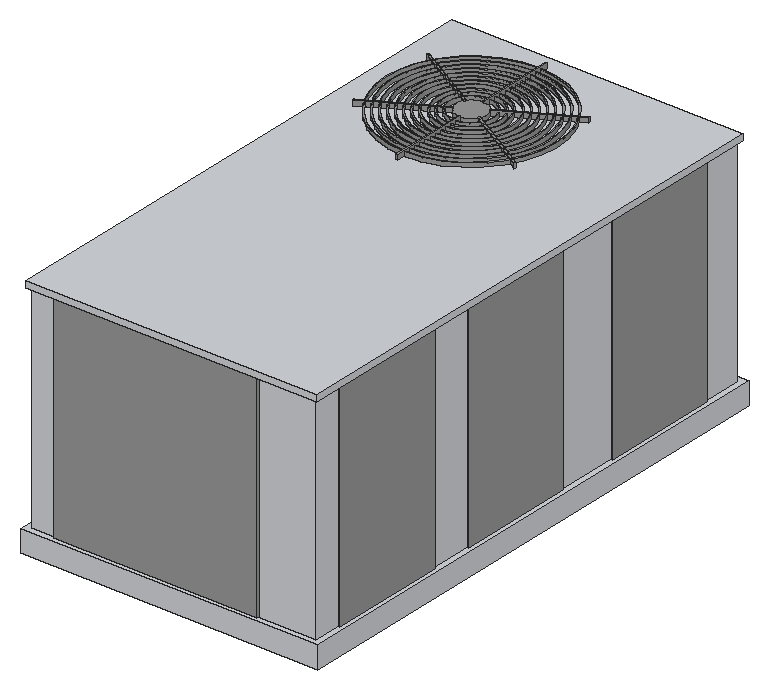
Revit family "RTU-2", category Mechanical Equipment, host Face, Revit 2025 (continued)
Definition of nested family "Family1"
  Automatic sketch dimensions
    Extrusion 18 sketch curve to Extrusion 18 sketch curve = 0"
    Extrusion 19 sketch curve to plane 43 = 0"
    Extrusion 19 sketch curve to plane 44 = 0"  (x2)
    Extrusion 19 sketch curve to plane 43 = 0.18274"
    Extrusion 19 sketch curve to Extrusion 19 sketch curve = 0.06651"  (x2)
    plane 44 to Extrusion 19 sketch curve = 0.45496"
    Extrusion 19 sketch curve to plane 44 = 0.38845"
    Extrusion 19 sketch curve to Extrusion 19 sketch curve = 1.06726"
    Extrusion 19 sketch curve to Extrusion 19 sketch curve = 0"
    Extrusion 20 sketch curve to plane 45 = 0"
    Extrusion 20 sketch curve to plane 46 = 0"  (x2)
    Extrusion 20 sketch curve to plane 45 = 0.18274"
    Extrusion 20 sketch curve to Extrusion 20 sketch curve = 0.06651"  (x2)
    plane 46 to Extrusion 20 sketch curve = 0.45496"
    Extrusion 20 sketch curve to plane 46 = 0.38845"
    Extrusion 20 sketch curve to Extrusion 20 sketch curve = 1.06726"
    Extrusion 20 sketch curve to Extrusion 20 sketch curve = 0"
    Extrusion 21 sketch curve to plane 47 = 0"
    Extrusion 21 sketch curve to plane 48 = 0"  (x2)
    Extrusion 21 sketch curve to plane 47 = 0.18274"
    Extrusion 21 sketch curve to Extrusion 21 sketch curve = 0.06651"  (x2)
    plane 48 to Extrusion 21 sketch curve = 0.45496"
    Extrusion 21 sketch curve to plane 48 = 0.38845"
    Extrusion 21 sketch curve to Extrusion 21 sketch curve = 1.06726"
    Extrusion 21 sketch curve to Extrusion 21 sketch curve = 0"
    Extrusion 22 sketch curve to plane 49 = 0"
    Extrusion 22 sketch curve to plane 50 = 0"  (x2)
    Extrusion 22 sketch curve to plane 49 = 0.18274"
    Extrusion 22 sketch curve to Extrusion 22 sketch curve = 0.06651"  (x2)
    plane 50 to Extrusion 22 sketch curve = 0.45496"
    Extrusion 22 sketch curve to plane 50 = 0.38845"
    Extrusion 22 sketch curve to Extrusion 22 sketch curve = 1.06726"
    Extrusion 22 sketch curve to Extrusion 22 sketch curve = 0"
    Extrusion 23 sketch curve to plane 51 = 0"
    Extrusion 23 sketch curve to plane 52 = 0"  (x2)
    Extrusion 23 sketch curve to plane 51 = 0.18274"
    Extrusion 23 sketch curve to Extrusion 23 sketch curve = 0.06651"  (x2)
    plane 52 to Extrusion 23 sketch curve = 0.45496"
    Extrusion 23 sketch curve to plane 52 = 0.38845"
    Extrusion 23 sketch curve to Extrusion 23 sketch curve = 1.06726"
    Extrusion 23 sketch curve to Extrusion 23 sketch curve = 0"
    Extrusion 24 sketch curve to plane 53 = 0"
    Extrusion 24 sketch curve to plane 54 = 0"  (x2)
    Extrusion 24 sketch curve to plane 53 = 0.18274"
    Extrusion 24 sketch curve to Extrusion 24 sketch curve = 0.06651"  (x2)
    plane 54 to Extrusion 24 sketch curve = 0.45496"
    Extrusion 24 sketch curve to plane 54 = 0.38845"
    Extrusion 24 sketch curve to Extrusion 24 sketch curve = 1.06726"
    Extrusion 24 sketch curve to Extrusion 24 sketch curve = 0"
    Extrusion 25 sketch curve to plane 55 = 0"
    Extrusion 25 sketch curve to plane 56 = 0"  (x2)
    Extrusion 25 sketch curve to plane 55 = 0.18274"
    Extrusion 25 sketch curve to Extrusion 25 sketch curve = 0.06651"  (x2)
    plane 56 to Extrusion 25 sketch curve = 0.45496"
    Extrusion 25 sketch curve to plane 56 = 0.38845"
    Extrusion 25 sketch curve to Extrusion 25 sketch curve = 1.06726"
    Extrusion 25 sketch curve to Extrusion 25 sketch curve = 0"
    Extrusion 26 sketch curve to plane 57 = 0"
    Extrusion 26 sketch curve to plane 58 = 0"  (x2)
    Extrusion 26 sketch curve to plane 57 = 0.18274"
    Extrusion 26 sketch curve to Extrusion 26 sketch curve = 0.06651"  (x2)
    plane 58 to Extrusion 26 sketch curve = 0.45496"
    Extrusion 26 sketch curve to plane 58 = 0.38845"
    Extrusion 26 sketch curve to Extrusion 26 sketch curve = 1.06726"
    Extrusion 26 sketch curve to Extrusion 26 sketch curve = 0"
    Extrusion 27 sketch curve to plane 59 = 0"
    Extrusion 27 sketch curve to plane 60 = 0"  (x2)
    Extrusion 27 sketch curve to plane 59 = 0.18274"
    Extrusion 27 sketch curve to Extrusion 27 sketch curve = 0.06651"  (x2)
    plane 60 to Extrusion 27 sketch curve = 0.45496"
    Extrusion 27 sketch curve to plane 60 = 0.38845"
    Extrusion 27 sketch curve to Extrusion 27 sketch curve = 1.06726"
    Extrusion 27 sketch curve to Extrusion 27 sketch curve = 0"
    Extrusion 28 sketch curve to plane 61 = 0"
    Extrusion 28 sketch curve to plane 62 = 0"  (x2)
    Extrusion 28 sketch curve to plane 61 = 0.18274"
    Extrusion 28 sketch curve to Extrusion 28 sketch curve = 0.06651"  (x2)
    plane 62 to Extrusion 28 sketch curve = 0.45496"
    Extrusion 28 sketch curve to plane 62 = 0.38845"
    Extrusion 28 sketch curve to Extrusion 28 sketch curve = 1.06726"
    Extrusion 28 sketch curve to Extrusion 28 sketch curve = 0"
    Extrusion 29 sketch curve to plane 63 = 0"
    Extrusion 29 sketch curve to plane 64 = 0"  (x2)
    Extrusion 29 sketch curve to plane 63 = 0.18274"
    Extrusion 29 sketch curve to Extrusion 29 sketch curve = 0.06651"  (x2)
    plane 64 to Extrusion 29 sketch curve = 0.45496"
    Extrusion 29 sketch curve to plane 64 = 0.38845"
    Extrusion 29 sketch curve to Extrusion 29 sketch curve = 1.06726"
    Extrusion 29 sketch curve to Extrusion 29 sketch curve = 0"
    Extrusion 30 sketch curve to plane 65 = 0"
    Extrusion 30 sketch curve to plane 66 = 0"  (x2)
    Extrusion 30 sketch curve to plane 65 = 0.18274"
    Extrusion 30 sketch curve to Extrusion 30 sketch curve = 0.06651"  (x2)
    plane 66 to Extrusion 30 sketch curve = 0.45496"
    Extrusion 30 sketch curve to plane 66 = 0.38845"
    Extrusion 30 sketch curve to Extrusion 30 sketch curve = 1.06726"
    Extrusion 30 sketch curve to Extrusion 30 sketch curve = 0"
    Extrusion 31 sketch curve to plane 67 = 0"
    Extrusion 31 sketch curve to plane 68 = 0"  (x2)
    Extrusion 31 sketch curve to plane 67 = 0.18274"
    Extrusion 31 sketch curve to Extrusion 31 sketch curve = 0.06651"  (x2)
    plane 68 to Extrusion 31 sketch curve = 0.45496"
    Extrusion 31 sketch curve to plane 68 = 0.38845"
    Extrusion 31 sketch curve to Extrusion 31 sketch curve = 1.06726"
    Extrusion 31 sketch curve to Extrusion 31 sketch curve = 0"
    Extrusion 32 sketch curve to plane 69 = 0"
    Extrusion 32 sketch curve to plane 70 = 0"  (x2)
    Extrusion 32 sketch curve to plane 69 = 0.18274"
    Extrusion 32 sketch curve to Extrusion 32 sketch curve = 0.06651"  (x2)
    plane 70 to Extrusion 32 sketch curve = 0.45496"
    Extrusion 32 sketch curve to plane 70 = 0.38845"
    Extrusion 32 sketch curve to Extrusion 32 sketch curve = 1.06726"
    Extrusion 32 sketch curve to Extrusion 32 sketch curve = 0"
    Extrusion 33 sketch curve to plane 71 = 0"
    Extrusion 33 sketch curve to plane 72 = 0"  (x2)
    Extrusion 33 sketch curve to plane 71 = 0.18274"
    Extrusion 33 sketch curve to Extrusion 33 sketch curve = 0.06651"  (x2)
    plane 72 to Extrusion 33 sketch curve = 0.45496"
    Extrusion 33 sketch curve to plane 72 = 0.38845"
    Extrusion 33 sketch curve to Extrusion 33 sketch curve = 1.06726"
    Extrusion 33 sketch curve to Extrusion 33 sketch curve = 0"
    Extrusion 34 sketch curve to plane 73 = 0"
    Extrusion 34 sketch curve to plane 74 = 0"  (x2)
    Extrusion 34 sketch curve to plane 73 = 0.18274"
    Extrusion 34 sketch curve to Extrusion 34 sketch curve = 0.06651"  (x2)
    plane 74 to Extrusion 34 sketch curve = 0.45496"
    Extrusion 34 sketch curve to plane 74 = 0.38845"
    Extrusion 34 sketch curve to Extrusion 34 sketch curve = 1.06726"
    Extrusion 34 sketch curve to Extrusion 34 sketch curve = 0"
    Extrusion 35 sketch curve to plane 75 = 0"
    Extrusion 35 sketch curve to plane 76 = 0"  (x2)
    Extrusion 35 sketch curve to plane 75 = 0.18274"
    Extrusion 35 sketch curve to Extrusion 35 sketch curve = 0.06651"  (x2)
    plane 76 to Extrusion 35 sketch curve = 0.45496"
    Extrusion 35 sketch curve to plane 76 = 0.38845"
    Extrusion 35 sketch curve to Extrusion 35 sketch curve = 1.06726"
    Extrusion 35 sketch curve to Extrusion 35 sketch curve = 0"
    Extrusion 36 sketch curve to plane 77 = 0"
    Extrusion 36 sketch curve to plane 78 = 0"  (x2)
    Extrusion 36 sketch curve to plane 77 = 0.18274"
    Extrusion 36 sketch curve to Extrusion 36 sketch curve = 0.06651"  (x2)
    plane 78 to Extrusion 36 sketch curve = 0.45496"
    Extrusion 36 sketch curve to plane 78 = 0.38845"
    Extrusion 36 sketch curve to Extrusion 36 sketch curve = 1.06726"
    Extrusion 36 sketch curve to Extrusion 36 sketch curve = 0"
    Extrusion 37 sketch curve to plane 79 = 0"
    Extrusion 37 sketch curve to plane 80 = 0"  (x2)
    Extrusion 37 sketch curve to plane 79 = 0.18274"
    Extrusion 37 sketch curve to Extrusion 37 sketch curve = 0.06651"  (x2)
    plane 80 to Extrusion 37 sketch curve = 0.45496"
    Extrusion 37 sketch curve to plane 80 = 0.38845"
    Extrusion 37 sketch curve to Extrusion 37 sketch curve = 1.06726"
    Extrusion 37 sketch curve to Extrusion 37 sketch curve = 0"
    Extrusion 38 sketch curve to plane 81 = 0"
    Extrusion 38 sketch curve to plane 82 = 0"  (x2)
    Extrusion 38 sketch curve to plane 81 = 0.18274"
    Extrusion 38 sketch curve to Extrusion 38 sketch curve = 0.06651"  (x2)
    plane 82 to Extrusion 38 sketch curve = 0.45496"
    Extrusion 38 sketch curve to plane 82 = 0.38845"
    Extrusion 38 sketch curve to Extrusion 38 sketch curve = 1.06726"
    Extrusion 38 sketch curve to Extrusion 38 sketch curve = 0"
    Extrusion 39 sketch curve to plane 83 = 0"
    Extrusion 39 sketch curve to plane 84 = 0"  (x2)
    Extrusion 39 sketch curve to plane 83 = 0.18274"
    Extrusion 39 sketch curve to Extrusion 39 sketch curve = 0.06651"  (x2)
    plane 84 to Extrusion 39 sketch curve = 0.45496"
    Extrusion 39 sketch curve to plane 84 = 0.38845"
    Extrusion 39 sketch curve to Extrusion 39 sketch curve = 1.06726"
    Extrusion 39 sketch curve to Extrusion 39 sketch curve = 0"
    Extrusion 40 sketch curve to plane 85 = 0"
    Extrusion 40 sketch curve to plane 86 = 0"  (x2)
    Extrusion 40 sketch curve to plane 85 = 0.18274"
    Extrusion 40 sketch curve to Extrusion 40 sketch curve = 0.06651"  (x2)
    plane 86 to Extrusion 40 sketch curve = 0.45496"
    Extrusion 40 sketch curve to plane 86 = 0.38845"
    Extrusion 40 sketch curve to Extrusion 40 sketch curve = 1.06726"
    Extrusion 40 sketch curve to Extrusion 40 sketch curve = 0"
    Extrusion 41 sketch curve to plane 87 = 0"
    Extrusion 41 sketch curve to plane 88 = 0"  (x2)
    Extrusion 41 sketch curve to plane 87 = 0.18274"
    Extrusion 41 sketch curve to Extrusion 41 sketch curve = 0.06651"  (x2)
    plane 88 to Extrusion 41 sketch curve = 0.45496"
    Extrusion 41 sketch curve to plane 88 = 0.38845"
    Extrusion 41 sketch curve to Extrusion 41 sketch curve = 1.06726"
    Extrusion 41 sketch curve to Extrusion 41 sketch curve = 0"
    Extrusion 42 sketch curve to plane 89 = 0"
    Extrusion 42 sketch curve to plane 90 = 0"  (x2)
    Extrusion 42 sketch curve to plane 89 = 0.18274"
    Extrusion 42 sketch curve to Extrusion 42 sketch curve = 0.06651"  (x2)
    plane 90 to Extrusion 42 sketch curve = 0.45496"
    Extrusion 42 sketch curve to plane 90 = 0.38845"
    Extrusion 42 sketch curve to Extrusion 42 sketch curve = 1.06726"
    Extrusion 42 sketch curve to Extrusion 42 sketch curve = 0"
    Extrusion 43 sketch curve to plane 91 = 0"
    Extrusion 43 sketch curve to plane 92 = 0"  (x2)
    Extrusion 43 sketch curve to plane 91 = 0.18274"
    Extrusion 43 sketch curve to Extrusion 43 sketch curve = 0.06651"  (x2)
    plane 92 to Extrusion 43 sketch curve = 0.45496"
    Extrusion 43 sketch curve to plane 92 = 0.38845"
    Extrusion 43 sketch curve to Extrusion 43 sketch curve = 1.06726"
    Extrusion 43 sketch curve to Extrusion 43 sketch curve = 0"
    Extrusion 44 sketch curve to plane 93 = 0"
    Extrusion 44 sketch curve to plane 94 = 0"  (x2)
    Extrusion 44 sketch curve to plane 93 = 0.18274"
    Extrusion 44 sketch curve to Extrusion 44 sketch curve = 0.06651"  (x2)
    plane 94 to Extrusion 44 sketch curve = 0.45496"
    Extrusion 44 sketch curve to plane 94 = 0.38845"
    Extrusion 44 sketch curve to Extrusion 44 sketch curve = 1.06726"
    Extrusion 44 sketch curve to Extrusion 44 sketch curve = 0"
    Extrusion 45 sketch curve to plane 95 = 0"
    Extrusion 45 sketch curve to plane 96 = 0"  (x2)
    Extrusion 45 sketch curve to plane 95 = 0.18274"
    Extrusion 45 sketch curve to Extrusion 45 sketch curve = 0.06651"  (x2)
    plane 96 to Extrusion 45 sketch curve = 0.45496"
    Extrusion 45 sketch curve to plane 96 = 0.38845"
    Extrusion 45 sketch curve to Extrusion 45 sketch curve = 1.06726"
    Extrusion 45 sketch curve to Extrusion 45 sketch curve = 0"
    Extrusion 46 sketch curve to plane 97 = 0"
    Extrusion 46 sketch curve to plane 98 = 0"  (x2)
    Extrusion 46 sketch curve to plane 97 = 0.18274"
    Extrusion 46 sketch curve to Extrusion 46 sketch curve = 0.06651"  (x2)
    plane 98 to Extrusion 46 sketch curve = 0.45496"
    Extrusion 46 sketch curve to plane 98 = 0.38845"
    Extrusion 46 sketch curve to Extrusion 46 sketch curve = 1.06726"
    Extrusion 46 sketch curve to Extrusion 46 sketch curve = 0"
    Extrusion 47 sketch curve to plane 99 = 0"
    Extrusion 47 sketch curve to plane 100 = 0"  (x2)
    Extrusion 47 sketch curve to plane 99 = 0.18274"
    Extrusion 47 sketch curve to Extrusion 47 sketch curve = 0.06651"  (x2)
    plane 100 to Extrusion 47 sketch curve = 0.45496"
    Extrusion 47 sketch curve to plane 100 = 0.38845"
    Extrusion 47 sketch curve to Extrusion 47 sketch curve = 1.06726"
    Extrusion 47 sketch curve to Extrusion 47 sketch curve = 0"
    Extrusion 48 sketch curve to plane 101 = 0"
    Extrusion 48 sketch curve to plane 102 = 0"  (x2)
    Extrusion 48 sketch curve to plane 101 = 0.18274"
    Extrusion 48 sketch curve to Extrusion 48 sketch curve = 0.06651"  (x2)
    plane 102 to Extrusion 48 sketch curve = 0.45496"
    Extrusion 48 sketch curve to plane 102 = 0.38845"
    Extrusion 48 sketch curve to Extrusion 48 sketch curve = 1.06726"
    Extrusion 48 sketch curve to Extrusion 48 sketch curve = 0"
    Extrusion 49 sketch curve to plane 103 = 0"
    Extrusion 49 sketch curve to plane 104 = 0"  (x2)
    Extrusion 49 sketch curve to plane 103 = 0.18274"
    Extrusion 49 sketch curve to Extrusion 49 sketch curve = 0.06651"  (x2)
    plane 104 to Extrusion 49 sketch curve = 0.45496"
    Extrusion 49 sketch curve to plane 104 = 0.38845"
    Extrusion 49 sketch curve to Extrusion 49 sketch curve = 1.06726"
    Extrusion 49 sketch curve to Extrusion 49 sketch curve = 0"
    Extrusion 50 sketch curve to plane 105 = 0"
    Extrusion 50 sketch curve to plane 106 = 0"  (x2)
    Extrusion 50 sketch curve to plane 105 = 0.18274"
    Extrusion 50 sketch curve to Extrusion 50 sketch curve = 0.06651"  (x2)
    plane 106 to Extrusion 50 sketch curve = 0.45496"
    Extrusion 50 sketch curve to plane 106 = 0.38845"
    Extrusion 50 sketch curve to Extrusion 50 sketch curve = 1.06726"
    Extrusion 50 sketch curve to Extrusion 50 sketch curve = 0"
    Extrusion 51 sketch curve to plane 107 = 0"
    Extrusion 51 sketch curve to plane 108 = 0"  (x2)
    Extrusion 51 sketch curve to plane 107 = 0.18274"
    Extrusion 51 sketch curve to Extrusion 51 sketch curve = 0.06651"  (x2)
    plane 108 to Extrusion 51 sketch curve = 0.45496"
    Extrusion 51 sketch curve to plane 108 = 0.38845"
    Extrusion 51 sketch curve to Extrusion 51 sketch curve = 1.06726"
    Extrusion 51 sketch curve to Extrusion 51 sketch curve = 0"
    Extrusion 52 sketch curve to plane 109 = 0"
    Extrusion 52 sketch curve to plane 110 = 0"  (x2)
    Extrusion 52 sketch curve to plane 109 = 0.18274"
    Extrusion 52 sketch curve to Extrusion 52 sketch curve = 0.06651"  (x2)
    plane 110 to Extrusion 52 sketch curve = 0.45496"
    Extrusion 52 sketch curve to plane 110 = 0.38845"
    Extrusion 52 sketch curve to Extrusion 52 sketch curve = 1.06726"
    Extrusion 52 sketch curve to Extrusion 52 sketch curve = 0"
    Extrusion 53 sketch curve to plane 111 = 0"
    Extrusion 53 sketch curve to plane 112 = 0"  (x2)
    Extrusion 53 sketch curve to plane 111 = 0.18274"
    Extrusion 53 sketch curve to Extrusion 53 sketch curve = 0.06651"  (x2)
    plane 112 to Extrusion 53 sketch curve = 0.45496"
    Extrusion 53 sketch curve to plane 112 = 0.38845"
    Extrusion 53 sketch curve to Extrusion 53 sketch curve = 1.06726"
    Extrusion 53 sketch curve to Extrusion 53 sketch curve = 0"
    Extrusion 54 sketch curve to plane 113 = 0"
    Extrusion 54 sketch curve to plane 114 = 0"  (x2)
    Extrusion 54 sketch curve to plane 113 = 0.18274"
    Extrusion 54 sketch curve to Extrusion 54 sketch curve = 0.06651"  (x2)
    plane 114 to Extrusion 54 sketch curve = 0.45496"
    Extrusion 54 sketch curve to plane 114 = 0.38845"
    Extrusion 54 sketch curve to Extrusion 54 sketch curve = 1.06726"
    Extrusion 54 sketch curve to Extrusion 54 sketch curve = 0"
    Extrusion 55 sketch curve to plane 115 = 0"
    Extrusion 55 sketch curve to plane 116 = 0"  (x2)
    Extrusion 55 sketch curve to plane 115 = 0.18274"
    Extrusion 55 sketch curve to Extrusion 55 sketch curve = 0.06651"  (x2)
    plane 116 to Extrusion 55 sketch curve = 0.45496"
    Extrusion 55 sketch curve to plane 116 = 0.38845"
    Extrusion 55 sketch curve to Extrusion 55 sketch curve = 1.06726"
    Extrusion 55 sketch curve to Extrusion 55 sketch curve = 0"
    Extrusion 56 sketch curve to plane 117 = 0"
    Extrusion 56 sketch curve to plane 118 = 0"  (x2)
    Extrusion 56 sketch curve to plane 117 = 0.18274"
    Extrusion 56 sketch curve to Extrusion 56 sketch curve = 0.06651"  (x2)
    plane 118 to Extrusion 56 sketch curve = 0.45496"
    Extrusion 56 sketch curve to plane 118 = 0.38845"
    Extrusion 56 sketch curve to Extrusion 56 sketch curve = 1.06726"
    Extrusion 56 sketch curve to Extrusion 56 sketch curve = 0"
